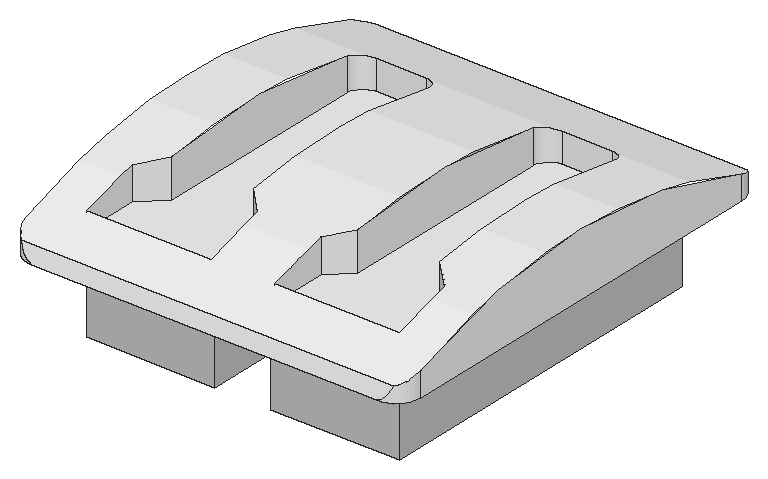
Revit family "Towel_Dispenser-C_Fold_Paper-Whitehall-BestCare_DignitySuite-WHD-CF", category Specialty Equipment, host Face, Revit 2018
Family settings
  Host = Face
  Round Connector Dimension = Use Diameter
  Part Type = Normal
  OmniClass Number = 23.40.20.21.17
  OmniClass Title = Paper Towel Dispensers, Disposal Units
  Cut with Voids When Loaded = No
  Shared = Yes
  Room Calculation Point = No
Parameters (values of type "WHD-CF")
  Warranty Documentation Link = "https://www.whitehallmfg.com/uploads/docs/WH_Terms_Fixture.pdf"
  URL = "https://www.whitehallmfg.com/home"
  Type Comments = ""
  Product Documentation Link = "https://www.whitehallmfg.com/uploads/fileLibrary/WHD-CF.pdf"
  Price = "Prices may vary. Please consult Manufacturer Representative for most up-to-date price list."  # constant formula
  Mounting Frame Material = Metal-Whitehall-Galvanized Steel
  Model = "WHD-CF"
  Manufacturer = "Whitehall Mfg."  # constant formula
  Length = 12 1/4"
  Installation Type = "Wall Mounted"  # constant formula
  Height = 14"
  Dispenser Material = Polymer Resin Corterra-Whitehall-Blanco (OCC11)
  Description = "Ligature Resistant C-Fold Paper Towel Dispenser"
  Default Elevation = 0"
  Creation Date = "07/23/2021"  # constant formula
  Assembly Code = "C1030200"
  -OCC Optional Corterra Color Specify OCC- = no
Reference planes (in)
  plane 1 "Center (Front/Back)": y = 0
  plane 2: z = 0
  plane 3 "Center (Left/Right)": x = 0
  plane 4: z = 3
  plane 5: x = 4.875
  plane 6: x = -4.875
  plane 7: z = -2.5
  plane 8: x = 0.875
  plane 9: x = -0.875
  plane 10: y = -5.5
  plane 11: y = 5.5
  plane 12: y = -7
  plane 13: y = 7
  plane 14: x = -6.125
  plane 15: x = 6.125
  plane 16: z = 0.5
Forms (in)
  Extrusion 1, solid, material "Metal-Whitehall-Galvanized Steel" <- "Mounting Frame Material"
    sketch origin (14.88621, 20.72113, 0) x (1, 0, 0) y (0, 0, -1)
      loop
        line (-10.01121, 0) -> (-10.01121, 2.5) -> (-14.01121, 2.5) -> (-14.01121, 0) -> (-10.01121, 0)
      loop
        line (-19.76121, 0) -> (-15.76121, 0) -> (-15.76121, 2.5) -> (-19.76121, 2.5) -> (-19.76121, 0)
    from -26.22113 to -15.22113
  Extrusion 2, solid, material "Polymer Resin Corterra-Whitehall-Blanco (OCC11)" <- "Dispenser Material"
    sketch origin (4.875, 20.72113, 0) x (0, 0, -1) y (0, 1, 0)
      loop
        line (0, -27.72113) -> (0, -13.72113) -> (-0.48296, -13.85054)
        arc (-0.48296, -13.85054) -> (-1.97315, -20.72113) -> (-0.48296, -27.59172) r 16.58371
        line (-0.48296, -27.59172) -> (0, -27.72113)
    from -11 to 1.25
  Extrusion 3, void
    sketch origin (0, 0, 0) x (1, 0, 0) y (0, 1, 0)
      loop
        line (-4.875, -5.5) -> (-0.97656, -5.5) -> (-0.97656, -3.69099) -> (-1.62466, -3.04289) -> (-1.62466, 3.75456)
        arc (-1.62466, 3.75456) -> (-1.7711, 4.10811) -> (-2.12466, 4.25456) r 0.5
        line (-2.12466, 4.25456) -> (-3.66789, 4.25456)
        arc (-3.66789, 4.25456) -> (-4.02145, 4.10811) -> (-4.16789, 3.75456) r 0.5
        line (-4.16789, 3.75456) -> (-4.16789, -3.04289) -> (-4.875, -3.75) -> (-4.875, -5.5)
      loop
        line (4.875, -5.5) -> (4.875, -3.75) -> (4.16789, -3.04289) -> (4.16789, 3.75456)
        arc (4.16789, 3.75456) -> (4.02145, 4.10811) -> (3.66789, 4.25456) r 0.5
        line (3.66789, 4.25456) -> (2.12466, 4.25456)
        arc (2.12466, 4.25456) -> (1.7711, 4.10811) -> (1.62466, 3.75456) r 0.5
        line (1.62466, 3.75456) -> (1.62466, -3.04289) -> (0.97656, -3.69099) -> (0.97656, -5.5) -> (4.875, -5.5)
    from 0.5 to 3
  Extrusion 4, void
    sketch origin (0, 0, 0) x (1, 0, 0) y (0, 1, 0)
      loop
        arc (-5.375, 7) -> (-5.90533, 6.78033) -> (-6.125, 6.25) r 0.75
        line (-6.125, 6.25) -> (-6.125, -6.25)
        arc (-6.125, -6.25) -> (-5.90533, -6.78033) -> (-5.375, -7) r 0.75
        line (-5.375, -7) -> (5.375, -7)
        arc (5.375, -7) -> (5.90533, -6.78033) -> (6.125, -6.25) r 0.75
        line (6.125, -6.25) -> (6.125, 6.25)
        arc (6.125, 6.25) -> (5.90533, 6.78033) -> (5.375, 7) r 0.75
        line (5.375, 7) -> (-5.375, 7)
      loop
        line (-8.18357, 8.89903) -> (-8.18357, -9.10097) -> (8.06643, -9.10097) -> (8.06643, 8.89903) -> (-8.18357, 8.89903)
    from 0 to 3
  Extrusion 5, void
    sketch origin (13.61645, 12.66986, 0) x (1, 0, 0) y (0, 0, -1)
      loop
        line (-8.74145, 0) -> (-8.74145, 2.5) -> (-12.74145, 2.5) -> (-12.74145, 0) -> (-8.74145, 0)
      loop
        line (-14.49145, 0) -> (-14.49145, 2.5) -> (-18.49145, 2.5) -> (-18.49145, 0) -> (-14.49145, 0)
    from -18.16986 to -7.16986
Cuts and joins
  Extrusion 3, Extrusion 4 cuts Extrusion 1
  Extrusion 3, Extrusion 4 cuts Extrusion 2
Lines and regions (in)
  Masking region 1
    outline origin (13.61645, 12.66986, 0) x (1, 0, 0) y (0, 0, -1)
      loop
        line (-7.49145, -1.97315) -> (-7.49145, 0) -> (-19.74145, 0) -> (-19.74145, -1.97315) -> (-17.78434, -1.97315) -> (-17.78434, -1.54401)
        spline (-17.78434, -1.54401) -> (-17.78029, -1.52763) -> (-17.76861, -1.51283) -> (-17.74871, -1.49836) -> (-17.72091, -1.48446) -> (-17.68569, -1.47137) -> (-17.64363, -1.4593) -> (-17.59542, -1.44846) -> (-17.54188, -1.43903) -> (-17.48389, -1.43116) -> (-17.42242, -1.42499) -> (-17.3585, -1.42061) -> (-17.29319, -1.41811)
        line (-17.29319, -1.41811) -> (-15.71954, -1.41811)
        spline (-15.71954, -1.41811) -> (-15.65545, -1.42004) -> (-15.59289, -1.42392) -> (-15.53287, -1.42969) -> (-15.47636, -1.43724) -> (-15.42427, -1.44647) -> (-15.37744, -1.45721) -> (-15.33663, -1.4693) -> (-15.30249, -1.48254) -> (-15.27558, -1.49672) -> (-15.25633, -1.51161) -> (-15.24505, -1.52696) -> (-15.24192, -1.54254)
        line (-15.24192, -1.54254) -> (-15.24192, -1.97315) -> (-11.9918, -1.97315) -> (-11.9918, -1.54377)
        spline (-11.9918, -1.54377) -> (-11.98774, -1.52763) -> (-11.97606, -1.51283) -> (-11.95616, -1.49836) -> (-11.92837, -1.48446) -> (-11.89314, -1.47137) -> (-11.85108, -1.4593) -> (-11.80287, -1.44846) -> (-11.74933, -1.43903) -> (-11.69134, -1.43116) -> (-11.62987, -1.42499) -> (-11.56595, -1.42061) -> (-11.50064, -1.41811)
        line (-11.50064, -1.41811) -> (-9.92699, -1.41811)
        spline (-9.92699, -1.41811) -> (-9.8629, -1.42004) -> (-9.80034, -1.42392) -> (-9.74032, -1.42969) -> (-9.68381, -1.43724) -> (-9.63172, -1.44647) -> (-9.58489, -1.45721) -> (-9.54408, -1.4693) -> (-9.50994, -1.48254) -> (-9.48303, -1.49672) -> (-9.46378, -1.51161) -> (-9.4525, -1.52696) -> (-9.44937, -1.54254)
        line (-9.44937, -1.54254) -> (-9.44856, -1.97315) -> (-7.49145, -1.97315)
  symbolic lines
    curve 1: line (6.125, 12.66986, 0.5) -> (-6.125, 12.66986, 0.5)
Dimensions and locks (in)
  equal spacing: plane 6, plane 3 "Center (Left/Right)", plane 5
  plane 6 to plane 5 = 9 3/4"
  plane 8 to plane 5 = 4"
  plane 9 to plane 6 = 4"
  equal spacing: plane 10, plane 1 "Center (Front/Back)", plane 11
  plane 10 to plane 11 = 11"
  equal spacing: plane 12, plane 1 "Center (Front/Back)", plane 13
  plane 12 to plane 13 = 14"
  equal spacing: plane 14, plane 3 "Center (Left/Right)", plane 15
  plane 14 to plane 15 = 12 1/4"
  "Length": plane 14 to plane 15
  "Height": plane 12 to plane 13
  aligned and locked: plane 2 to host face
  aligned and locked: level to host face
  aligned and locked: Extrusion 1 sketch curve to plane 5
  aligned and locked: Extrusion 1 sketch curve to plane 7
  aligned and locked: plane 8 to Extrusion 1 sketch curve
  aligned and locked: Extrusion 1 sketch curve to plane 9
  aligned and locked: plane 7 to Extrusion 1 sketch curve
  aligned and locked: plane 6 to Extrusion 1 sketch curve
  aligned and locked: Extrusion 1 sketch curve to host face
  aligned and locked: host face to Extrusion 1 sketch curve
  aligned and locked: Extrusion 1 to plane 10
  aligned and locked: Extrusion 1 to plane 11
  aligned and locked: Extrusion 2 sketch curve to host face
  aligned and locked: Extrusion 2 to plane 14
  aligned and locked: Extrusion 2 to plane 15
  aligned and locked: plane 4 to Extrusion 3
  aligned and locked: Extrusion 3 to plane 16
  aligned and locked: cut or joined group of Extrusion 2, Extrusion 3, Extrusion 4 to Extrusion 4 sketch curve
  aligned and locked: Extrusion 4 sketch curve to cut or joined group of Extrusion 2, Extrusion 3, Extrusion 4  (x3)
  aligned and locked: plane 4 to Extrusion 4
  aligned and locked: Extrusion 4 to level
  aligned and locked: Masking region 1 sketch curve to cut or joined group of Extrusion 2, Extrusion 3, Extrusion 4  (x6)
  aligned and locked: cut or joined group of Extrusion 2, Extrusion 3, Extrusion 4 to Masking region 1 sketch curve  (x2)
  aligned and locked: curve 1 to plane 16
  aligned and locked: Extrusion 5 sketch curve to cut or joined group of Extrusion 1, Extrusion 3, Extrusion 4  (x8)
  aligned and locked: Extrusion 5 to plane 10
  aligned and locked: Extrusion 5 to plane 11
Automatic sketch dimensions
  Extrusion 1 to Extrusion 2 sketch curve = 5 1/2"
  Extrusion 2 sketch curve to Extrusion 1 = 12.11056"
  Extrusion 2 sketch curve to Extrusion 1 = 1 1/2"  (x2)
  Extrusion 2 sketch curve to Extrusion 1 = 0.48296"  (x2)
  Extrusion 2 sketch curve to Extrusion 2 sketch curve = 0.12941"
  Extrusion 3 sketch curve to plane 6 = 0"
  Extrusion 3 sketch curve to plane 10 = 0"  (x2)
  Extrusion 3 sketch curve to plane 5 = 0"
  plane 6 to Extrusion 3 sketch curve = 0.70711"
  Extrusion 3 sketch curve to Extrusion 3 sketch curve = 1/2"  (x3)
  Extrusion 3 sketch curve to plane 9 = 1.24966"
  Extrusion 3 sketch curve to plane 9 = 13/128"
  Extrusion 3 sketch curve to plane 8 = 13/128"
  Extrusion 3 sketch curve to plane 8 = 0.74966"
  plane 5 to Extrusion 3 sketch curve = 1.20711"
  plane 5 to Extrusion 3 sketch curve = 0.70711"
  plane 10 to Extrusion 3 sketch curve = 1 3/4"  (x2)
  plane 10 to Extrusion 3 sketch curve = 1.80901"  (x2)
  Extrusion 3 sketch curve to Extrusion 3 sketch curve = 0.70711"  (x2)
  Extrusion 3 sketch curve to Extrusion 3 sketch curve = 0.64809"  (x2)
  plane 11 to Extrusion 3 sketch curve = 1.74544"  (x2)
  host sketch curve to host sketch curve = 96"  (x2)
  Extrusion 4 sketch curve to plane 14 = 2.05857"
  Extrusion 4 sketch curve to plane 6 = 1/2"  (x2)
  Extrusion 4 sketch curve to plane 5 = 1/2"  (x2)
  Extrusion 4 sketch curve to plane 15 = 1.94143"
  Extrusion 4 sketch curve to plane 12 = 2.10097"
  Extrusion 4 sketch curve to plane 13 = 1.89903"
  Masking region 1 sketch curve to Masking region 1 sketch curve = 0.49116"  (x2)
  Masking region 1 sketch curve to Masking region 1 sketch curve = 1.57365"
  Masking region 1 sketch curve to Masking region 1 sketch curve = 0.47843"
  Masking region 1 sketch curve to Masking region 1 sketch curve = 0.55504"  (x2)
  Masking region 1 sketch curve to Masking region 1 sketch curve = 0.00075"  (x2)
  Masking region 1 sketch curve to Masking region 1 sketch curve = 0.00005"  (x2)
  Masking region 1 sketch curve to Masking region 1 sketch curve = 0.01804"  (x2)
  Masking region 1 sketch curve to Masking region 1 sketch curve = 0.03083"  (x2)
  Masking region 1 sketch curve to Masking region 1 sketch curve = 0.47762"
  Masking region 1 sketch curve to Masking region 1 sketch curve = 0.00006"  (x2)
  Masking region 1 sketch curve to Masking region 1 sketch curve = 0.00081"
  Masking region 1 sketch curve to Masking region 1 sketch curve = 0.11476"  (x2)
  Masking region 1 sketch curve to Masking region 1 sketch curve = 0.12255"  (x2)
  Masking region 1 sketch curve to Masking region 1 sketch curve = 0.00125"
  Masking region 1 sketch curve to Masking region 1 sketch curve = 0.00123"
  Masking region 1 sketch curve to Masking region 1 sketch curve = 0.00149"
  Masking region 1 sketch curve to plane 4 = 1.02685"
  curve 1 to plane 14 = 0"
  plane 15 to curve 1 = 0"
